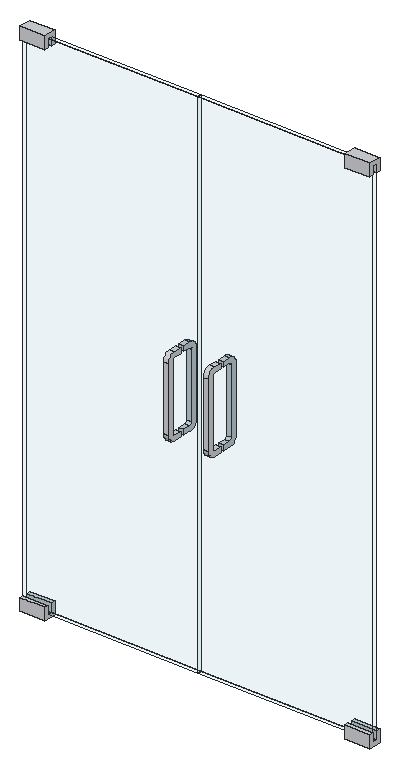
Revit family "幕墙门-双扇无边框", category 门, Revit 2020
Family settings
  OmniClass 编号 = 23.30.10.00
  OmniClass 标题 = Doors
  总是垂直 = 是
  加载时剪切的空心 = 否
  共享 = 否
  房间计算点 = 否
Parameters
  说明 = "你的专属NBimer云构件库：①.可附带自定义材质提升模型表现；②.自定义资料集适合个性化的你；③.真实厂家认证保障模型质量与信息准确。快来发现更多 ~彩蛋~ 吧！"
  制造商 = "NBimer 互联网+建筑设计的平台"
  分析构造 = "<无>"
  偏移 = 37.00 mm
  把手材质 = none
  把手高度 = 1000.00 mm
  玻璃材质 = 玻璃
  玻璃厚度 = 18.00 mm
  功能 = 外部
  配件材质 = none
  构造类型 = "双扇地弹玻璃门"
  URL = "www.nbimer.com"
Reference planes
  plane 1 "中心(前/后)": y = 0
  plane 2: z = 0
  plane 3 "中心(左/右)": x = 82.523
  plane 4: x = -617.477
  plane 5: x = 782.523
  plane 6 "顶": z = 2100
  plane 7: y = 46
  plane 8: y = 28
  plane 9: x = 2.523
  plane 10: x = 162.523
  plane 11: y = 37
  plane 12: z = 1000
  plane 13: z = 1050
  plane 14: z = 2085
  plane 15: z = 15
Forms (mm)
  Extrusion 1, solid, material "玻璃" <- "玻璃材质", detail levels coarse+medium
    sketch origin (0, 0, 0) x (1, 0, 0) y (0, 1, 0)
      loop
        line (-617.477, 46) -> (-617.477, 28) -> (82.523, 28) -> (82.523, 46) -> (-617.477, 46)
    from 0 to 2100
  Extrusion 2, solid, material "玻璃" <- "玻璃材质", detail levels coarse+medium
    sketch origin (165.046, 0, 0) x (-1, 0, 0) y (0, -1, 0)
      loop
        line (-617.477, -46) -> (82.523, -46) -> (82.523, -28) -> (-617.477, -28) -> (-617.477, -46)
    from 0 to 2100
  Extrusion 3, solid, material "玻璃" <- "玻璃材质", detail levels fine
    sketch origin (0, 0, 0) x (1, 0, 0) y (0, 1, 0)
      loop
        line (-617.477, 46) -> (-617.477, 28) -> (82.523, 28) -> (82.523, 46) -> (-617.477, 46)
    from 15 to 2085
  Extrusion 4, solid, material "玻璃" <- "玻璃材质", detail levels fine
    sketch origin (165.046, 0, 0) x (-1, 0, 0) y (0, -1, 0)
      loop
        line (-617.477, -46) -> (82.523, -46) -> (82.523, -28) -> (-617.477, -28) -> (-617.477, -46)
    from 15 to 2085
Lines and regions (mm)
  symbolic lines, style "平面打开方向", detail levels coarse+medium
    curve 1: line (-617.477, 37, 0) -> (-617.477, 737, 0)
    curve 2: arc (-617.477, 737, 0) -> (-122.502, 531.975, 0) -> (82.523, 37, 0) r 700
    curve 3: line (782.523, 37, 0) -> (782.523, -663, 0)
    curve 4: arc (782.523, -663, 0) -> (287.548, -457.975, 0) -> (82.523, 37, 0) r 700
    curve 10: line (-617.477, 737, 0) -> (-577.477, 737, 0)
    curve 11: line (-577.477, 737, 0) -> (-577.477, 37, 0)
    curve 12: line (-577.477, 37, 0) -> (-617.477, 37, 0)
    curve 13: line (782.523, -663, 0) -> (742.523, -663, 0)
    curve 14: line (742.523, -663, 0) -> (742.523, 37, 0)
    curve 15: line (742.523, 37, 0) -> (782.523, 37, 0)
  symbolic lines, style "立面打开方向可见-划线", detail levels medium+fine
    curve 5: line (82.523, 0, 2100) -> (782.523, 0, 1050)
    curve 7: line (82.523, 0, 2100) -> (-617.477, 0, 1050)
  symbolic lines, style "立面打开方向可见-实体", detail levels medium+fine
    curve 6: line (782.523, 0, 1050) -> (82.523, 0, 0)
    curve 8: line (-617.477, 0, 1050) -> (82.523, 0, 0)
  symbolic lines, detail levels fine
    curve 9: line (82.523, 46, 0) -> (82.523, 28, 0)
Text (mm)
  text "外部" at (-1161.5, 797.241, 0), in view "参照标高"
Dimensions and locks
  equal spacing: plane 4, plane 3 "中心(左/右)", plane 5
  locked: plane 9 to plane 3 "中心(左/右)" at 80
  locked: plane 3 "中心(左/右)" to plane 10 at 80
  "偏移": plane 11 to plane 1 "中心(前/后)"
  equal spacing: plane 7, plane 11, plane 8
  "玻璃厚度": plane 7 to plane 8
  "把手高度": plane 2 to plane 12
  equal spacing: plane 2, plane 13, plane 6 "顶"
  locked: plane 4 to curve 11 at 40
  locked: curve 14 to plane 5 at 40
  locked: plane 14 to plane 6 "顶" at 15
  aligned and locked: plane 4 to Extrusion 1 sketch curve
  aligned and locked: Extrusion 1 sketch curve to plane 7
  aligned and locked: plane 8 to Extrusion 1 sketch curve
  aligned and locked: Extrusion 1 sketch curve to plane 3 "中心(左/右)"
  aligned and locked: Extrusion 1 to plane 6 "顶"
  aligned and locked: Extrusion 1 to plane 2
  aligned and locked: Extrusion 2 sketch curve to plane 3 "中心(左/右)"
  aligned and locked: Extrusion 2 sketch curve to plane 8
  aligned and locked: plane 7 to Extrusion 2 sketch curve
  aligned and locked: Extrusion 2 sketch curve to plane 5
  aligned and locked: Extrusion 2 to plane 6 "顶"
  aligned and locked: Extrusion 2 to plane 2
  aligned and locked: nested 1 to plane 10
  aligned and locked: nested 1 to plane 12
  aligned and locked: nested 2 to plane 12
  aligned and locked: nested 2 to plane 9
  aligned and locked: nested 3 to plane 12
  aligned and locked: plane 9 to nested 3
  aligned and locked: nested 4 to plane 12
  aligned and locked: plane 10 to nested 4
  aligned and locked: curve 1 to plane 4
  aligned and locked: plane 11 to curve 1
  aligned and locked: plane 3 "中心(左/右)" to curve 2
  aligned and locked: plane 5 to curve 3
  aligned and locked: plane 11 to curve 3
  aligned and locked: plane 11 to curve 4
  aligned and locked: plane 3 "中心(左/右)" to curve 4
  aligned and locked: curve 7 to plane 3 "中心(左/右)"
  aligned and locked: plane 13 to curve 6
  aligned and locked: plane 5 to curve 6
  aligned and locked: plane 6 "顶" to curve 7
  aligned and locked: plane 13 to curve 8
  aligned and locked: plane 4 to curve 8
  aligned and locked: plane 3 "中心(左/右)" to curve 8
  aligned and locked: plane 2 to curve 6
  aligned and locked: curve 9 to Extrusion 1
  aligned and locked: plane 7 to Extrusion 2
  aligned and locked: nested 5 to plane 2
  aligned and locked: plane 5 to nested 5
  aligned and locked: plane 4 to nested 6
  aligned and locked: plane 2 to nested 6
  aligned and locked: plane 6 "顶" to nested 7
  aligned and locked: nested 8 to plane 6 "顶"
  aligned and locked: nested 8 to plane 4
  aligned and locked: nested 7 to plane 5
  aligned and locked: plane 11 to curve 12
  aligned and locked: curve 15 to plane 11
  aligned and locked: Extrusion 3 sketch curve to Extrusion 1  (x2)
  aligned and locked: Extrusion 1 to Extrusion 3 sketch curve
  aligned: Extrusion 3 to plane 2
  aligned: Extrusion 3 to plane 6 "顶"
  aligned: Extrusion 4 to plane 6 "顶"
  aligned: Extrusion 4 to plane 2
  aligned and locked: Extrusion 4 sketch curve to plane 3 "中心(左/右)"
  aligned and locked: plane 7 to Extrusion 4 sketch curve
  aligned and locked: Extrusion 4 sketch curve to plane 8
  aligned and locked: Extrusion 4 sketch curve to plane 5
  aligned and locked: plane 14 to nested 8
  aligned and locked: nested 7 to plane 14
  aligned and locked: plane 14 to Extrusion 4
  aligned and locked: plane 14 to Extrusion 3
  aligned and locked: Extrusion 4 to plane 14
  aligned and locked: nested 5 to plane 15
  aligned and locked: plane 15 to nested 6
  aligned and locked: Extrusion 4 to plane 15
  aligned and locked: Extrusion 3 to plane 15
Automatic sketch dimensions
  Extrusion 3 sketch curve to plane 7 = 0.00 mm
  curve 9 to plane 8 = 0.00 mm
  curve 9 to plane 7 = 0.00 mm
Nested families
  nested 1: "把手_推拉门" at (162.523, 46, 1000) x (-1, 0, 0) z (0, 1, 0), type "把手_推拉门", detail levels fine
  nested 2: "把手_推拉门" at (2.523, 46, 1000) x (-1, 0, 0) z (0, 1, 0), type "把手_推拉门", detail levels fine
  nested 3: "把手_推拉门" at (2.523, 28, 1000) x (1, 0, 0) z (0, -1, 0), type "把手_推拉门", detail levels fine
  nested 4: "把手_推拉门" at (162.523, 28, 1000) x (1, 0, 0) z (0, -1, 0), type "把手_推拉门", detail levels fine
  nested 5: "夹片_A型" at (782.523, 46, 15) x (-1, 0, 0) z (0, 1, 0), type "夹片_A型", detail levels fine
  nested 6: "夹片_A型" at (-617.477, 46, 15) x (1, 0, 0) z (0, 1, 0), type "夹片_A型", detail levels fine
  nested 7: "夹片_A型" at (782.523, 46, 2085) x (-1, 0, 0) z (0, 1, 0), type "夹片_A型", detail levels fine
  nested 8: "夹片_A型" at (-617.477, 46, 2085) x (1, 0, 0) z (0, 1, 0), type "夹片_A型", detail levels fine
Definition of nested family "把手_推拉门"
  Parameters
    长度 = 300.00 mm
    把手材质 = none
    Default Elevation = 1219.20 mm
  Reference planes
    plane 1 "中心(前/后)": y = 0
    plane 2: z = 0
    plane 3 "中心(左/右)": x = 0
    plane 4: y = -150
    plane 5: y = 150
  Forms (mm)
    Extrusion 1, solid
      sketch origin (0, 0, 0) x (1, 0, 0) y (0, 1, 0)
        loop
          line (-130, 225) -> (-130, -223.456) -> (137.239, -223.456) -> (137.239, 225) -> (-130, 225)
      from 0 to -32.577
    Sweep 2, solid, material <- "把手材质"
      path origin (0, 0, 0) x (0, 1, 0) y (0, 0, 1)
        loop
          line (-150, 0) -> (-150, 30)
          arc (-150, 30) -> (-144.142, 44.142) -> (-130, 50) r 20
          line (-130, 50) -> (130, 50)
          arc (130, 50) -> (144.142, 44.142) -> (150, 30) r 20
          line (150, 30) -> (150, 0)
      profile origin (0, -150, 15) x (0, -1, 0) y (1, 0, 0)
        loop
          line (-10, -10) -> (10, -10) -> (10, 10) -> (-10, 10) -> (-10, -10)
  Dimensions and locks
    equal spacing: plane 4, plane 1 "中心(前/后)", plane 5
    "长度": plane 4 to plane 5
    aligned and locked: plane 2 to Extrusion 1
    aligned and locked: level to Extrusion 1
    aligned and locked: Sweep 2 sketch curve to plane 4
    aligned and locked: plane 5 to Sweep 2 sketch curve
    aligned and locked: plane 2 to Sweep 2
    aligned and locked: Sweep 2 to plane 2
  Automatic sketch dimensions
    Extrusion 1 sketch curve to Extrusion 1 sketch curve = 267.239 mm
    Extrusion 1 sketch curve to Extrusion 1 sketch curve = 448.456 mm
    Sweep 2 sketch curve to level = 0.00 mm  (x2)
    Sweep 2 sketch curve to plane 4 = 20.00 mm
    Sweep 2 sketch curve to Sweep 2 sketch curve = 20.00 mm
    Sweep 2 sketch curve to Sweep 2 sketch curve = 30.00 mm
    profile plane to Sweep 2 sketch curve = 10.00 mm  (x2)
    Sweep 2 sketch curve to profile plane = 10.00 mm  (x2)
Definition of nested family "夹片_A型"
  Parameters
    长度 = 100.00 mm
    Height = 50.00 mm
    玻璃厚度 = 18.00 mm
    Default Elevation = 1219.20 mm
    夹片材质 = none
  Reference planes
    plane 1 "中心(前/后)": y = 0
    plane 2: z = 0
    plane 3 "中心(左/右)": x = 0
    plane 4: z = 15
    plane 5: x = 100
    plane 6: z = -33
    plane 7: z = -9
    plane 8: y = -15
    plane 9: y = 35
    plane 10: z = -18
  Forms (mm)
    Extrusion 1, solid
      sketch origin (0, 0, 0) x (1, 0, 0) y (0, 1, 0)
        loop
          line (-1219.2, 1219.2) -> (-1219.2, -1219.2) -> (1219.2, -1219.2) -> (1219.2, 1219.2) -> (-1219.2, 1219.2)
      from 0 to -304.8
    Extrusion 2, solid, material <- "夹片材质"
      sketch origin (0, 0, 0) x (0, 1, 0) y (0, 0, 1)
        loop
          line (35, -33) -> (35, -18) -> (0, -18) -> (0, 0) -> (35, 0) -> (35, 15) -> (-15, 15) -> (-15, -33) -> (35, -33)
      from 0 to 100
  Dimensions and locks
    "长度": plane 5 to plane 3 "中心(左/右)"
    equal spacing: plane 2, plane 7, plane 10
    "玻璃厚度": plane 2 to plane 10
    locked: plane 1 "中心(前/后)" to plane 8 at 15
    locked: plane 4 to plane 2 at 15
    locked: plane 6 to plane 10 at 15
    "Height": plane 9 to plane 8
    aligned and locked: plane 2 to Extrusion 1
    aligned and locked: level to Extrusion 1
    aligned and locked: plane 5 to Extrusion 2
    aligned and locked: plane 6 to Extrusion 2
    aligned and locked: plane 4 to Extrusion 2
    aligned and locked: plane 10 to Extrusion 2 sketch curve
    aligned and locked: Extrusion 2 sketch curve to plane 1 "中心(前/后)"
    aligned and locked: Extrusion 2 sketch curve to plane 2
    aligned and locked: plane 9 to Extrusion 2 sketch curve  (x2)
    aligned and locked: plane 4 to Extrusion 2 sketch curve
    aligned and locked: Extrusion 2 sketch curve to plane 8
    aligned and locked: plane 6 to Extrusion 2 sketch curve
  Automatic sketch dimensions
    Extrusion 1 sketch curve to Extrusion 1 sketch curve = 2438.40 mm  (x2)
